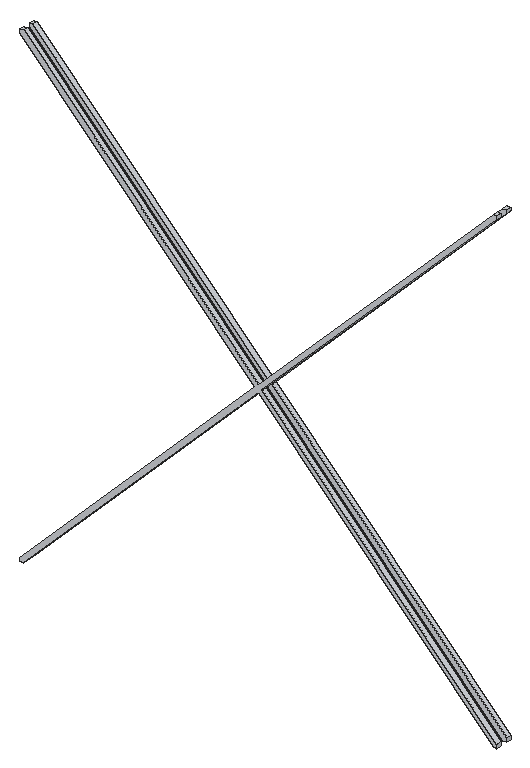
Revit family "76258eb03379440fad56e6b86b2d361e", category Generic Models, Revit 2021
Family settings
  Can host rebar = No
  Round Connector Dimension = Use Diameter
  Part Type = Normal
  Work Plane-Based = No
  Always vertical = Yes
  Cut with Voids When Loaded = No
  Shared = Yes
  Room Calculation Point = No
Parameters
  Width [instance] = 4' - 0"
  Thickness = 0' - 0 1/2"
  Height [instance] = 4' - 0"
  Interior Material [instance] = none
  Distance = 0' - 0 3/4"
  Exterior Material [instance] = none
  Default Elevation = 0' - 0"
Reference planes (in)
  plane 1 "Center (Front/Back)": y = 0
  plane 2: z = 0
  plane 3 "Center (Left/Right)": x = 0
  plane 4: z = 48
  plane 5: x = -24
  plane 6: x = 24
  plane 7: z = 24
  plane 8: y = 0.375
  plane 9: y = -0.375
  plane 10: y = 0.875
  plane 11: y = -0.875
Forms (in)
  Extrusion 1, solid, material <- "Exterior Material", detail levels fine
    sketch origin (-24, 0, 48) x (0.707107, 0, -0.707107) y (0.707107, 0, 0.707107)
      loop
        line (0, 0.25) -> (0, -0.25) -> (67.88225, -0.25) -> (67.88225, 0.25) -> (0, 0.25)
    from -0.875 to -0.375
  Extrusion 2, solid, material <- "Exterior Material", detail levels fine
    sketch origin (24, 0, 48) x (-0.707107, 0, -0.707107) y (0.707107, 0, -0.707107)
      loop
        line (67.88225, 0.25) -> (0, 0.25) -> (0, -0.25) -> (67.88225, -0.25) -> (67.88225, 0.25)
    from -0.875 to -0.375
  Extrusion 3, void
    sketch origin (0, 0, 0) x (1, 0, 0) y (0, 0, 1)
      loop
        line (-24, 48) -> (-24, 0) -> (24, 0) -> (24, 48) -> (-24, 48)
      loop
        line (-24.5, 48.5) -> (-24.5, -0.5) -> (24.5, -0.5) -> (24.5, 48.5) -> (-24.5, 48.5)
    from -0.875 to 0.875
  Extrusion 4, solid, material <- "Interior Material", detail levels fine
    sketch origin (-24, 0, 48) x (0.707107, 0, -0.707107) y (0.707107, 0, 0.707107)
      loop
        line (0, 0.25) -> (0, -0.25) -> (67.88225, -0.25) -> (67.88225, 0.25) -> (0, 0.25)
    from 0.375 to 0.875
  Extrusion 5, solid, material <- "Interior Material", detail levels fine
    sketch origin (24, 0, 48) x (-0.707107, 0, -0.707107) y (0.707107, 0, -0.707107)
      loop
        line (0, -0.25) -> (67.88225, -0.25) -> (67.88225, 0.25) -> (0, 0.25) -> (0, -0.25)
    from 0.375 to 0.875
Cuts and joins
  Extrusion 3 cuts Extrusion 1
  Extrusion 3 cuts Extrusion 2
  joined: Extrusion 1, Extrusion 2
  Extrusion 3 cuts Extrusion 4
  Extrusion 3 cuts Extrusion 5
  joined: Extrusion 4, Extrusion 5
Lines and regions (in)
  reference lines
    curve 1: line (-24, 0, 48) -> (24, 0, 0)
    curve 2: line (24, 0, 48) -> (-24, 0, 0)
    curve 3: line (-24, 0, 48) -> (-17.98959, 0, 54.01041)
    curve 4: line (24, 0, 0) -> (31.6014, 0, 7.6014)
    curve 5: line (-21.20495, 0, 44.8514) -> (16.78122, 0, 6.86522)
    curve 6: line (-20.8514, 0, 45.20495) -> (17.13478, 0, 7.21878)
    curve 7: line (24, 0, 48) -> (18.87348, 0, 53.12652)
    curve 8: line (-24, 0, 0) -> (-28.24264, 0, 4.24264)
    curve 9: line (-23.82322, 0, -0.17678) -> (22.31549, 0, 45.96194)
    curve 10: line (-24.17678, 0, 0.17678) -> (21.96194, 0, 46.31549)
  model lines, detail levels medium
    curve 11: line (24, 0.375, 0) -> (-24, 0.375, 48)
    curve 12: line (24, 0.375, 48) -> (-24, 0.375, 0)
    curve 13: line (24, -0.375, 0) -> (-24, -0.375, 48)
    curve 14: line (24, -0.375, 48) -> (-24, -0.375, 0)
Dimensions and locks (in)
  equal spacing: plane 6, plane 3 "Center (Left/Right)", plane 5
  "Width": plane 6 to plane 5
  "Height": plane 4 to plane 2
  equal spacing: plane 4, plane 7, plane 2
  equal spacing: curve 5, curve 1, curve 6
  "Thickness": curve 5 to curve 6
  equal spacing: curve 9, curve 2, curve 10
  "Thickness": curve 9 to curve 10
  "Thickness": Extrusion 3 sketch curve to plane 6
  "Thickness": plane 2 to Extrusion 3 sketch curve
  "Thickness": plane 5 to Extrusion 3 sketch curve
  "Thickness": Extrusion 3 sketch curve to plane 4
  "Distance": plane 8 to plane 9
  equal spacing: plane 8, plane 1 "Center (Front/Back)", plane 9
  "Thickness": plane 10 to plane 8
  "Thickness": plane 9 to plane 11
  locked: curve 1 to curve 3 (angle 90.00°)
  locked: curve 4 to curve 1 (angle 90.00°)
  locked: curve 7 to curve 2 (angle 90.00°)
  locked: curve 2 to curve 8 (angle 90.00°)
  aligned and locked: plane 2 to level
  aligned and locked: plane 4 to curve 1
  aligned and locked: plane 5 to curve 1
  aligned and locked: plane 2 to curve 2
  aligned and locked: plane 5 to curve 2
  aligned and locked: plane 6 to curve 1
  aligned and locked: plane 2 to curve 1
  aligned and locked: plane 6 to curve 2
  aligned and locked: plane 4 to curve 2
  aligned and locked: plane 4 to curve 3
  aligned and locked: plane 5 to curve 3
  aligned and locked: plane 6 to curve 4
  aligned and locked: plane 2 to curve 4
  aligned and locked: Extrusion 1 sketch curve to curve 5
  aligned and locked: Extrusion 1 sketch curve to curve 3
  aligned and locked: Extrusion 1 sketch curve to curve 6
  aligned and locked: curve 6 to Extrusion 1 sketch curve
  aligned and locked: curve 5 to Extrusion 1 sketch curve
  aligned and locked: Extrusion 1 sketch curve to curve 4
  aligned and locked: curve 4 to Extrusion 1 sketch curve
  aligned and locked: plane 5 to curve 8
  aligned and locked: plane 2 to curve 8
  aligned and locked: plane 6 to curve 7
  aligned and locked: plane 4 to curve 7
  aligned and locked: Extrusion 2 sketch curve to curve 10  (x2)
  aligned and locked: Extrusion 2 sketch curve to curve 8  (x2)
  aligned and locked: curve 9 to Extrusion 2 sketch curve  (x2)
  aligned and locked: curve 7 to Extrusion 2 sketch curve
  aligned and locked: plane 5 to Extrusion 3 sketch curve
  aligned and locked: Extrusion 3 sketch curve to plane 4
  aligned and locked: Extrusion 3 sketch curve to plane 6
  aligned and locked: plane 2 to Extrusion 3 sketch curve
  aligned and locked: plane 10 to cut or joined group of Extrusion 1, Extrusion 2, Extrusion 3  (x2)
  aligned and locked: cut or joined group of Extrusion 1, Extrusion 2, Extrusion 3 to plane 8  (x2)
  aligned and locked: plane 10 to Extrusion 3
  aligned and locked: Extrusion 3 to plane 11
  aligned and locked: curve 3 to Extrusion 4 sketch curve
  aligned and locked: Extrusion 4 sketch curve to curve 3
  aligned and locked: Extrusion 4 sketch curve to curve 6
  aligned and locked: Extrusion 4 sketch curve to curve 5
  aligned and locked: Extrusion 4 sketch curve to curve 4
  aligned and locked: curve 6 to Extrusion 4 sketch curve
  aligned and locked: curve 5 to Extrusion 4 sketch curve
  aligned and locked: Extrusion 5 sketch curve to curve 9
  aligned and locked: Extrusion 5 sketch curve to curve 10
  aligned and locked: Extrusion 5 sketch curve to curve 7  (x2)
  aligned and locked: Extrusion 5 sketch curve to curve 8  (x2)
  aligned and locked: curve 9 to Extrusion 5 sketch curve
  aligned and locked: curve 10 to Extrusion 5 sketch curve
  aligned and locked: Extrusion 4 to plane 11
  aligned and locked: Extrusion 5 to plane 11
  aligned and locked: plane 9 to Extrusion 4
  aligned and locked: plane 9 to Extrusion 5
  aligned and locked: plane 2 to curve 11
  aligned and locked: plane 6 to curve 11
  aligned and locked: plane 5 to curve 11
  aligned and locked: plane 4 to curve 11
  aligned and locked: plane 5 to curve 12
  aligned and locked: plane 2 to curve 12
  aligned and locked: plane 4 to curve 12
  aligned and locked: plane 6 to curve 12
  aligned and locked: plane 2 to curve 13
  aligned and locked: plane 6 to curve 13
  aligned and locked: plane 4 to curve 14
  aligned and locked: plane 6 to curve 14
  aligned and locked: plane 4 to curve 13
  aligned and locked: plane 5 to curve 13
  aligned and locked: plane 2 to curve 14
  aligned and locked: plane 5 to curve 14
Automatic sketch dimensions
  curve 1 to curve 6 = 0' - 4.20279"
  curve 1 to curve 5 = 0' - 4.20279"
  curve 5 to curve 1 = 0' - 9.95889"
  curve 6 to curve 5 = 0' - 0"
  curve 2 to curve 9 = 0' - 0"
  curve 2 to curve 9 = 0' - 2.63225"
  curve 2 to curve 10 = 0' - 2.63225"
